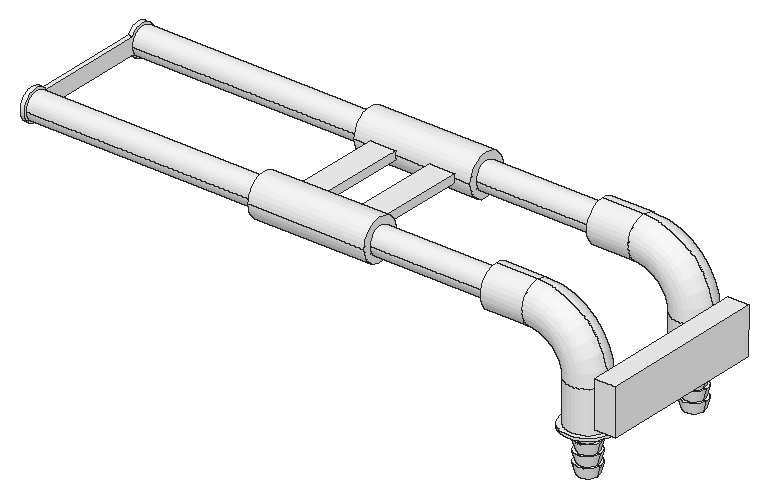
Revit family "Aquatherm_Соединительное колено", category Соединительные детали трубопроводов, Revit 2019
Family settings
  Размер круглого соединителя = Использовать диаметр
  Тип детали = Соединение
  На основе рабочей плоскости = Нет
  Всегда вертикально = Да
  При загрузке вырезать с полостями = Нет
  Общий = Нет
Parameters
  Материал_Корпус = AquaTherm white pipe
  l [instance] = 80 mm
  d1 [instance] = 0 mm
  URL = "www.agpipe.ru"
  L [instance] = size_lookup("Соединительное колено", "L", 18 mm, d)  # 350 mm
  D [instance] = size_lookup("Соединительное колено", "D", 18 mm, d)  # 24.5 mm
  d [instance] = 16 mm
  ADSK_Примечание = ""
  ADSK_Позиция [instance] = ""
  ADSK_Обозначение = ""
  ADSK_Наименование [instance] = size_lookup("Соединительное колено", "ADSK_Наименование", "Нет в каталоге", d)  # "Соединительное колено DN16"
  ADSK_Масса_Текст [instance] = ""
  ADSK_Код изделия [instance] = size_lookup("Соединительное колено", "ADSK_Код изделия", "Нет в каталоге", d)  # "85119"
  ADSK_Завод-изготовитель = "Aquatherm"  # constant formula
  ADSK_Единица измерения = "шт."  # constant formula
Reference planes
  plane 1 "По центру (Вперед/Назад)": y = 0
  plane 2: z = 0
  plane 3 "По центру (Влево/Вправо)": x = 0
  plane 4: x = -175
  plane 5: x = 175
  plane 6: y = -40
  plane 7: y = 40
Forms (mm)
  Sweep 1, solid, material "AquaTherm white pipe" <- "Материал_Корпус"
    path origin (-453.794, 166.115, 1200) x (-1, 0, 0) y (0, 0, 1)
      loop
        line (-614.044, -1255) -> (-614.044, -1230)
        arc (-614.044, -1230) -> (-605.257, -1208.787) -> (-584.044, -1200) r 30
        line (-584.044, -1200) -> (-559.044, -1200)
    profile origin (160.25, 166.115, -42.5) x (1, 0, 0) y (0, 1, 0)
      loop
        circle (0, -126.115) r 12.25
      loop
        circle (0, -126.115) r 8
  Sweep 2, solid, material "AquaTherm white pipe" <- "Материал_Корпус"
    path origin (-453.794, -166.115, 1200) x (-1, 0, 0) y (0, 0, -1)
      loop
        line (-614.044, 1255) -> (-614.044, 1230)
        arc (-614.044, 1230) -> (-605.257, 1208.787) -> (-584.044, 1200) r 30
        line (-584.044, 1200) -> (-559.044, 1200)
    profile origin (160.25, -166.115, -42.5) x (-1, 0, 0) y (0, -1, 0)
      loop
        circle (0, -126.115) r 12.25
      loop
        circle (0, -126.115) r 8
  Extrusion 3, solid, material "AquaTherm white pipe" <- "Материал_Корпус"
    sketch origin (0, 0, 0) x (0, 1, 0) y (0, 0, 1)
      loop
        circle (-40, 0) r 8
      loop
        circle (40, 0) r 8
    from -172.5 to 105.25
  Extrusion 4, solid, material "AquaTherm white pipe" <- "Материал_Корпус"
    sketch origin (0, 0, 0) x (0, 1, 0) y (0, 0, 1)
      loop
        circle (-40, 0) r 12.25
      loop
        circle (40, 0) r 12.25
      loop
        circle (40, 0) r 8
      loop
        circle (-40, 0) r 8
    from -35 to 35
  Revolve 5, solid, material "AquaTherm white pipe" <- "Материал_Корпус"
    sketch origin (0, -40, 0) x (1, 0, 0) y (0, 0, 1)
      loop
        line (160.25, -55) -> (145.25, -55) -> (145.25, -56.5) -> (152.702, -56.5) -> (154.4, -62.836) -> (152.702, -62.836) -> (154.4, -69.172) -> (152.702, -69.172) -> (154.4, -75.509) -> (152.702, -75.509) -> (154.4, -81.845) -> (160.25, -81.845) -> (160.25, -55)
      axis (160.25, -55) -> (160.25, -81.845)
    angle from 0 to 360
  Revolve 6, solid, material "AquaTherm white pipe" <- "Материал_Корпус"
    sketch origin (0, 40, 0) x (1, 0, 0) y (0, 0, -1)
      loop
        line (160.25, 55) -> (160.25, 81.845) -> (154.4, 81.845) -> (152.702, 75.509) -> (154.4, 75.509) -> (152.702, 69.172) -> (154.4, 69.172) -> (152.702, 62.836) -> (154.4, 62.836) -> (152.702, 56.5) -> (145.25, 56.5) -> (145.25, 55) -> (160.25, 55)
      axis (160.25, 55) -> (160.25, 81.845)
    angle from 0 to 360
  Extrusion 7, solid, material "AquaTherm white pipe" <- "Материал_Корпус"
    sketch origin (0, 0, 0) x (1, 0, 0) y (0, 0, 1)
      loop
        line (-25.271, -2.5) -> (-10.271, -2.5) -> (-10.271, 2.5) -> (-25.271, 2.5) -> (-25.271, -2.5)
      loop
        line (25.271, -2.5) -> (25.271, 2.5) -> (10.271, 2.5) -> (10.271, -2.5) -> (25.271, -2.5)
    from -40 to 40
  Extrusion 8, solid, material "AquaTherm white pipe" <- "Материал_Корпус"
    sketch origin (0, 0, 0) x (0, 1, 0) y (0, 0, 1)
      loop
        line (32.517, 5) -> (-32.517, 5)
        arc (-32.517, 5) -> (-49, 0) -> (-32.517, -5) r 9
        line (-32.517, -5) -> (32.517, -5)
        arc (32.517, -5) -> (49, 0) -> (32.517, 5) r 9
    from -175 to -172.5
  Extrusion 9, solid, material "AquaTherm white pipe" <- "Материал_Корпус"
    sketch origin (0, 0, 0) x (1, 0, 0) y (0, 0, 1)
      loop
        line (185, -50) -> (185, -22.263) -> (172.5, -22.263) -> (172.5, -50) -> (185, -50)
    from -50 to 50
Cuts and joins
  joined: Extrusion 4, Extrusion 7
Lines and regions (mm)
  reference lines
    curve 1: line (-175, 40, 0) -> (160.25, 40, 0)
    curve 2: line (160.25, 40, -56.5) -> (160.25, 40, 0)
    curve 3: line (-175, -40, 0) -> (160.25, -40, 0)
    curve 4: line (-175, -40, 0) -> (160.25, -40, 0)
    curve 5: line (160.25, -40, -56.5) -> (160.25, -40, 0)
Dimensions and locks
  equal spacing: plane 4, plane 3 "По центру (Влево/Вправо)", plane 5
  "L": plane 4 to plane 5
  equal spacing: plane 7, plane 1 "По центру (Вперед/Назад)", plane 6
  "l": plane 7 to plane 6
  "d": diameter of Sweep 1 sketch curve
  "D": diameter of Sweep 1 sketch curve
  "d": diameter of Sweep 2 sketch curve
  "D": diameter of Sweep 2 sketch curve
  "d": diameter of Extrusion 3 sketch curve  (x2)
  "d": diameter of Extrusion 4 sketch curve  (x2)
  "D": diameter of Extrusion 4 sketch curve  (x2)
  aligned and locked: level to plane 2
  aligned and locked: plane 7 to Sweep 1 sketch curve  (x2)
  aligned and locked: plane 6 to Sweep 2 sketch curve  (x2)
  aligned and locked: plane 6 to Extrusion 3 sketch curve
  aligned and locked: plane 7 to Extrusion 3 sketch curve
  aligned and locked: plane 6 to Extrusion 4 sketch curve  (x2)
  aligned and locked: plane 7 to Extrusion 4 sketch curve  (x2)
  aligned and locked: level to Extrusion 4 sketch curve  (x4)
  aligned and locked: Extrusion 3 to Sweep 1
  aligned and locked: Extrusion 8 to plane 4
Automatic sketch dimensions
  Sweep 1 sketch curve to level = 0 mm
  Sweep 1 sketch curve to plane 5 = 14.75 mm
  Sweep 1 sketch curve to level = 30 mm
  Sweep 1 sketch curve to Sweep 1 sketch curve = 25 mm  (x2)
  Sweep 2 sketch curve to level = 0 mm
  Sweep 2 sketch curve to plane 5 = 14.75 mm
  Sweep 2 sketch curve to Sweep 2 sketch curve = 30 mm
  Sweep 2 sketch curve to Sweep 2 sketch curve = 25 mm  (x2)
  Revolve 5 sketch curve to plane 5 = 29.75 mm
  Revolve 5 sketch curve to Revolve 5 sketch curve = 7.452 mm  (x2)
  Revolve 5 sketch curve to Revolve 5 sketch curve = 0 mm  (x4)
  Revolve 5 sketch curve to Revolve 5 sketch curve = 1.698 mm  (x3)
  Revolve 5 sketch curve to Revolve 5 sketch curve = 7.548 mm
  Revolve 5 sketch curve to level = 81.845 mm
  Revolve 5 sketch curve to Revolve 5 sketch curve = 6.336 mm  (x4)
  Revolve 5 sketch curve to Revolve 5 sketch curve = 1.5 mm
  Revolve 5 sketch curve to Revolve 5 sketch curve = 0.75 mm
  Revolve 5 sketch curve to Revolve 5 sketch curve = 3.247 mm
  Revolve 6 sketch curve to plane 5 = 29.75 mm
  Revolve 6 sketch curve to Revolve 6 sketch curve = 7.452 mm  (x2)
  Revolve 6 sketch curve to Revolve 6 sketch curve = 0 mm  (x4)
  Revolve 6 sketch curve to Revolve 6 sketch curve = 1.698 mm  (x3)
  Revolve 6 sketch curve to Revolve 6 sketch curve = 7.548 mm
  Revolve 6 sketch curve to level = 55 mm
  Revolve 6 sketch curve to Revolve 6 sketch curve = 1.5 mm
  Revolve 6 sketch curve to Revolve 6 sketch curve = 6.336 mm  (x4)
  Revolve 6 sketch curve to Revolve 6 sketch curve = 3.247 mm
  Revolve 6 sketch curve to Revolve 6 sketch curve = 0.75 mm
  Extrusion 7 sketch curve to level = 2.5 mm  (x2)
  Extrusion 7 sketch curve to plane 3 "По центру (Влево/Вправо)" = 25.271 mm
  Extrusion 7 sketch curve to plane 3 "По центру (Влево/Вправо)" = 10.271 mm
  plane 3 "По центру (Влево/Вправо)" to Extrusion 7 sketch curve = 10.271 mm
  Extrusion 7 sketch curve to Extrusion 7 sketch curve = 15 mm
  level to Extrusion 7 sketch curve = 2.5 mm  (x2)
  Extrusion 8 sketch curve to level = 0 mm  (x2)
  Extrusion 8 sketch curve to plane 6 = 0 mm
  Extrusion 8 sketch curve to plane 7 = 0 mm
  plane 6 to Extrusion 8 sketch curve = 7.483 mm
  Extrusion 8 sketch curve to level = 5 mm
  Extrusion 8 sketch curve to plane 7 = 7.483 mm
  level to Extrusion 8 sketch curve = 5 mm
  Extrusion 9 sketch curve to level = 22.263 mm
  plane 5 to Extrusion 9 sketch curve = 10 mm
  Extrusion 9 sketch curve to Extrusion 9 sketch curve = 12.5 mm
  Extrusion 9 sketch curve to level = 50 mm
  curve 1 to level = 0 mm
  curve 1 to plane 4 = 0 mm
  curve 2 to plane 5 = 14.75 mm
  curve 2 to level = 56.5 mm
  curve 3 to level = 0 mm
  curve 4 to plane 4 = 0 mm
  curve 3 to plane 4 = 0 mm
  curve 5 to plane 5 = 14.75 mm
  curve 5 to level = 56.5 mm
  Sweep 1 sketch curve to Sweep 1 sketch curve = 0 mm
  Sweep 1 sketch curve to profile plane = 0 mm
  Sweep 2 sketch curve to Sweep 2 sketch curve = 0 mm
  Sweep 2 sketch curve to profile plane = 0 mm
  Extrusion 3 sketch curve to level = 0 mm  (x2)
Connectors
  piping at (-175, 40, 0), diameter 16, driven by "d"
    settings: on curve 1, index 1, connector inside diameter 609.6 mm, connector length 0 mm, flow factor 0, pipe flow 0.0 L/s, pressure drop 0.0 Pa, fitting loss kfactor 0, connector angle 0.00°, fixture units 0, engagement length 0 mm, angle of deflection 0.00°, flow configuration 0, flow direction 2, fitting loss method 4, system type 8, joint type 0, gender type 0, connector reference index -1, connector utility 0, adjustable connector no, is connector primary yes, connector description ""
  piping at (-175, -40, 0), diameter 16, driven by "d"
    settings: on curve 4, index 2, connector inside diameter 609.6 mm, connector length 0 mm, flow factor 0, pipe flow 0.0 L/s, pressure drop 0.0 Pa, fitting loss kfactor 0, connector angle 0.00°, fixture units 0, engagement length 0 mm, angle of deflection 0.00°, flow configuration 0, flow direction 2, fitting loss method 4, system type 7, joint type 0, gender type 0, connector reference index -1, connector utility 0, adjustable connector no, is connector primary no, connector description ""
  piping at (160.25, -40, -56.5), diameter 16, driven by "d"
    settings: on curve 5, index 3, connector inside diameter 609.6 mm, connector length 0 mm, flow factor 0, pipe flow 0.0 L/s, pressure drop 0.0 Pa, fitting loss kfactor 0, connector angle 0.00°, fixture units 0, engagement length 0 mm, angle of deflection 0.00°, flow configuration 0, flow direction 1, fitting loss method 4, system type 7, joint type 0, gender type 0, connector reference index -1, connector utility 0, adjustable connector no, is connector primary no, connector description ""
  piping at (160.25, 40, -56.5), diameter 16, driven by "d"
    settings: on curve 2, index 4, connector inside diameter 609.6 mm, connector length 0 mm, flow factor 0, pipe flow 0.0 L/s, pressure drop 0.0 Pa, fitting loss kfactor 0, connector angle 0.00°, fixture units 0, engagement length 0 mm, angle of deflection 0.00°, flow configuration 0, flow direction 1, fitting loss method 4, system type 8, joint type 0, gender type 0, connector reference index -1, connector utility 0, adjustable connector no, is connector primary no, connector description ""
